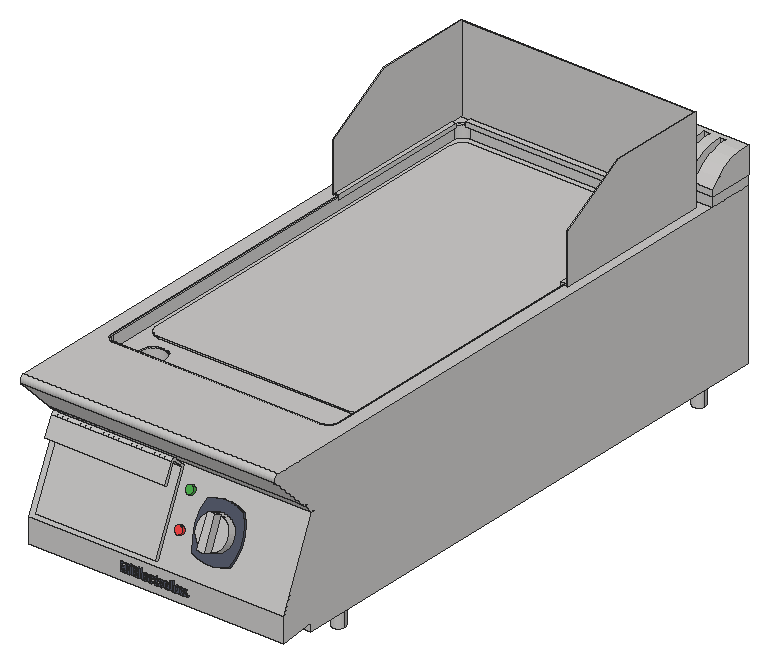
Revit family "QF_ELECTROLUXPROFESSIONAL_391398_E9IINIAOMCA", category Specialty Equipment, Revit 2018
Family settings
  Round Connector Dimension = Use Diameter
  Part Type = Normal
  Work Plane-Based = No
  Always vertical = Yes
  Cut with Voids When Loaded = No
  Shared = No
  Room Calculation Point = No
Parameters
  Width = 400 mm  # constant formula
  Weight in Pounds = 55  # constant formula
  Watts = 0 W
  Volts = 230 V  # constant formula
  URL Cutsheet = "www.electrolux.com"
  URL = "www.electrolux.com"
  Type Mark [instance] = ""
  Status [instance] = ""
  Specification by User [instance] = ""
  Specification by Manufacturer = ""
  Show Logo [instance] = yes
  Show Clearance [instance] = yes
  Serial Number = ""
  Seismic Rating = ""
  SMACNA No = ""
  Revision Code [instance] = ""
  Phase = 3
  Omniclass Number and Title = ""
  Number of Poles [instance] = 1
  NAFEM Spec ID Number = ""
  Model = "391171"
  Min Ckt Ampacity = 0 A
  Max Overcurrent Protection = 0 A
  Masterspec = ""
  Manufacturer = "ELECTROLUX"
  Item Number [instance] = ""
  Installed By [instance] = ""
  Identify Quantity as Lot [instance] = yes
  Height = 410 mm  # constant formula
  HP = "10.1 HP"
  Furnished By [instance] = ""
  Foodservice Equipment Identifier [instance] = yes
  FL Amps = if(Phase = 3, Watts / (Volts * 1.73), Watts / Volts)  # 0 A
  Electrical Remarks [instance] = "230 V/3 ph/50/60 Hz"  # constant formula
  Electric Connection Type [instance] = ""
  Elec Conn RI Height [instance] = 0 mm
  Elec Conn Connection Height [instance] = 0 mm
  Direct Waste Size = 0"
  Description = "900XP HALF MODULE ELECTRIC FRY TOP,SMOOTH HORIZONTAL PLATE, MILD STEEL -230V"
  Depth = 930 mm  # constant formula
  Cycle = if([60 Hertz Option], 60 Hz, 50 Hz)  # 60 Hz
  Conn Plug = ""
  Conn Conduit = yes
  CSI MasterFormat = ""
  CSI Master Format = ""
  Base Height = 24 mm  # constant formula
  Apparent Power = if(Phase = 3, Volts * FL Amps * 1.73, Volts * FL Amps)  # 0 VA
  60 Hertz Option = not([50 Hertz Option])  # yes
  50 Hertz Option = no
Reference planes
  plane 1 "BACK": y = 0
  plane 2: z = 0
  plane 3 "LEFT": x = 0
  plane 4 "RIGHT": x = 400
  plane 5 "FRONT": y = -930
  plane 6 "TOP": z = 275
  plane 7 "Center Y": x = 200
  plane 8 "Center X": y = -465
  plane 9: y = -1045
  plane 10: z = 24
  plane 11: z = 290
  plane 12: z = 410
  plane 13: x = 11
  plane 14: x = 389
Forms (mm)
  Extrusion 1, solid, material "QF_Finishes_Stainless Steel"
    sketch origin (0, 0, 0) x (0, 1, 0) y (0, 0, 1)
      loop
        line (0, 275) -> (-922.686, 275)
        arc (-922.686, 275) -> (-929.443, 270.485) -> (-927.858, 262.514) r 7.314
        line (-927.858, 262.514) -> (-873.907, 208.563) -> (-865.773, 208.563) -> (-865.773, 206.447) -> (-871.79, 206.447) -> (-858.907, 193.563) -> (-850.773, 193.563) -> (-850.773, 191.447) -> (-856.79, 191.447) -> (-913.146, 69.003) -> (-913.146, 30.903) -> (-859.774, 36.513) -> (-859.774, 24) -> (0, 24) -> (0, 275)
    from 0 to 400
  Extrusion 2, solid, material "QF_Finishes_Stainless Steel"
    sketch origin (0, -1, 0) x (1, 0, 0) y (0, 1, 0)
      loop
        circle (11, -82) r 9.525
      loop
        circle (11, -790) r 9.525
      loop
        circle (389, -82) r 9.525
      loop
        circle (389, -790) r 9.525
    from 0 to 24
  Extrusion 3, solid, material "QF_Finishes_Stainless Steel"
    sketch origin (0, 0, 0.362) x (0, 1, 0) y (0, 0, 1)
      loop
        line (0, 289.638) -> (0, 331.738)
        arc (0, 331.738) -> (-38.857, 324.552) -> (-69.85, 300.038) r 82.056
        line (-69.85, 300.038) -> (-69.85, 289.638) -> (0, 289.638)
    from 0 to 400.05
  Extrusion 4, void
    sketch origin (0, 0, 275) x (0, -1, 0) y (1, 0, 0)
      loop
        line (6.761, 29.703) -> (63.911, 29.703) -> (63.911, 38.999) -> (6.761, 38.999) -> (6.761, 29.703)
      loop
        line (63.911, 64.487) -> (6.761, 64.487) -> (6.761, 55.191) -> (63.911, 55.191) -> (63.911, 64.487)
      loop
        line (63.911, 89.975) -> (6.761, 89.975) -> (6.761, 80.68) -> (63.911, 80.68) -> (63.911, 89.975)
      loop
        line (63.911, 115.464) -> (6.761, 115.464) -> (6.761, 106.168) -> (63.911, 106.168) -> (63.911, 115.464)
      loop
        line (63.911, 140.952) -> (6.761, 140.952) -> (6.761, 131.656) -> (63.911, 131.656) -> (63.911, 140.952)
      loop
        line (63.911, 166.44) -> (6.761, 166.44) -> (6.761, 157.145) -> (63.911, 157.145) -> (63.911, 166.44)
      loop
        line (63.911, 191.929) -> (6.761, 191.929) -> (6.761, 182.633) -> (63.911, 182.633) -> (63.911, 191.929)
      loop
        line (63.911, 217.417) -> (6.761, 217.417) -> (6.761, 208.121) -> (63.911, 208.121) -> (63.911, 217.417)
      loop
        line (63.911, 242.905) -> (6.761, 242.905) -> (6.761, 233.61) -> (63.911, 233.61) -> (63.911, 242.905)
      loop
        line (63.911, 268.394) -> (6.761, 268.394) -> (6.761, 259.098) -> (63.911, 259.098) -> (63.911, 268.394)
      loop
        line (63.911, 293.882) -> (6.761, 293.882) -> (6.761, 284.586) -> (63.911, 284.586) -> (63.911, 293.882)
      loop
        line (63.911, 319.37) -> (6.761, 319.37) -> (6.761, 310.075) -> (63.911, 310.075) -> (63.911, 319.37)
      loop
        line (63.911, 344.859) -> (6.761, 344.859) -> (6.761, 335.563) -> (63.911, 335.563) -> (63.911, 344.859)
      loop
        line (63.911, 370.347) -> (6.761, 370.347) -> (6.761, 361.051) -> (63.911, 361.051) -> (63.911, 370.347)
    from 25.4 to 63.5
  Extrusion 5, solid, material "QF_Finishes_Stainless Steel"
    sketch origin (0, 0, 275) x (0, -1, 0) y (1, 0, 0)
      loop
        line (69.85, 0) -> (69.85, 400) -> (0, 400) -> (0, 0) -> (69.85, 0)
    from 0 to 15
  Extrusion 6, solid, material "QF_Finishes_Stainless Steel"
    sketch origin (635, 190.152, 275) x (0, -1, 0) y (1, 0, 0)
      loop
        line (273.542, -252.03) -> (273.542, -617.97) -> (275.13, -617.97) -> (275.13, -252.03) -> (273.542, -252.03)
    from 0 to 135
  Extrusion 7, void
    sketch origin (0, 0, 275) x (0, -1, 0) y (1, 0, 0)
      loop
        arc (92.539, 37.03) -> (96.932, 26.423) -> (107.539, 22.03) r 15
        line (107.539, 22.03) -> (777.539, 22.03)
        arc (777.539, 22.03) -> (788.145, 26.423) -> (792.539, 37.03) r 15
        line (792.539, 37.03) -> (792.539, 362.97)
        arc (792.539, 362.97) -> (788.145, 373.577) -> (777.539, 377.97) r 15
        line (777.539, 377.97) -> (107.539, 377.97)
        arc (107.539, 377.97) -> (96.932, 373.577) -> (92.539, 362.97) r 15
        line (92.539, 362.97) -> (92.539, 37.03)
    from 0 to -21.588
  Sweep 8, solid, material "QF_Finishes_Stainless Steel"
    path origin (0, 0, 0) x (1, 0, 0) y (0, 1, 0)
      loop
        line (22.03, -107.539) -> (22.03, -777.539)
        arc (22.03, -777.539) -> (26.423, -788.145) -> (37.03, -792.539) r 15
        line (37.03, -792.539) -> (362.97, -792.539)
        arc (362.97, -792.539) -> (373.577, -788.145) -> (377.97, -777.539) r 15
        line (377.97, -777.539) -> (377.97, -107.539)
        arc (377.97, -107.539) -> (373.577, -96.932) -> (362.97, -92.539) r 15
        line (362.97, -92.539) -> (37.03, -92.539)
        arc (37.03, -92.539) -> (26.423, -96.932) -> (22.03, -107.539) r 15
    profile origin (22.03, -442.539, 0) x (1, 0, 0) y (0, 0, 1)
      loop
        line (0, 255) -> (1.588, 255) -> (1.588, 272.855)
        arc (1.588, 272.855) -> (1.147, 274.189) -> (0, 275) r 2.242
        line (0, 275) -> (0, 255)
  Extrusion 9, solid, material "QF_Finishes_Stainless Steel"
    sketch origin (0, 0, 0) x (1, 0, 0) y (0, 0, 1)
      loop
        line (17.03, 275.856) -> (23.926, 275.856) -> (23.926, 270.856) -> (25.514, 270.856) -> (25.514, 277.444) -> (17.03, 277.444) -> (17.03, 275.856)
      loop
        line (382.97, 275.856) -> (382.97, 277.444) -> (374.486, 277.444) -> (374.486, 270.856) -> (376.074, 270.856) -> (376.074, 275.856) -> (382.97, 275.856)
    from 105.541 to 335.39
  Extrusion 10, solid, material "QF_Finishes_Stainless Steel"
    sketch origin (0, 0, 0) x (0, 1, 0) y (0, 0, 1)
      loop
        line (-94.126, 270.856) -> (-94.126, 275.856) -> (-84.978, 275.856) -> (-84.978, 277.444) -> (-95.714, 277.444) -> (-95.714, 270.856) -> (-94.126, 270.856)
    from 32.03 to 367.97
  Extrusion 11, solid, material "QF_Finishes_Stainless Steel"
    sketch origin (0, -101.6, 24) x (-1, 0, 0) y (0, 1, 0)
      loop
        circle (-340, -483.4) r 6.35
    from 0 to 5
  Extrusion 12, solid, material "QF_Clearances", visible <- "Show Clearance", detail levels coarse
    sketch origin (0, 0, 0) x (1, 0, 0) y (0, 1, 0)
      loop
        line (0, 0) -> (400, 0) -> (400, -930) -> (500, -930) -> (500, 100) -> (-100, 100) -> (-100, -930) -> (0, -930) -> (0, 0)
    from 0 to 410
  Extrusion 13, solid, material "QF_Finishes_Stainless Steel"
    sketch origin (0, 0, 0) x (0, 1, 0) y (0, 0, 1)
      loop
        line (-792.539, 255) -> (-792.539, 253.413) -> (-92.539, 253.413) -> (-92.539, 255) -> (-792.539, 255)
    from 22.03 to 377.97
  Extrusion 14, solid, material "QF_Finishes_Stainless Steel"
    sketch origin (100, 0, 0) x (0, 1, 0) y (0, 0, 1)
      loop
        line (-858.205, 188.372) -> (-874.612, 204.778)
        arc (-874.612, 204.778) -> (-879.079, 206.181) -> (-882.783, 203.316) r 5.058
        line (-882.783, 203.316) -> (-895.445, 175.806) -> (-892.561, 174.479) -> (-879.899, 201.989)
        arc (-879.899, 201.989) -> (-878.52, 203.055) -> (-876.857, 202.533) r 1.883
        line (-876.857, 202.533) -> (-862.014, 187.69) -> (-912.848, 77.245) -> (-909.964, 75.918) -> (-858.205, 188.372)
    from -89 to 100
  Extrusion 15, solid, material "QF_Door-Drawer Clearances", visible <- "Show Clearance", detail levels coarse
    sketch origin (100, 0, 0) x (0, 1, 0) y (0, 0, 1)
      loop
        line (-1024.713, 174.479) -> (-1012.051, 201.989)
        arc (-1012.051, 201.989) -> (-1010.672, 203.055) -> (-1009.009, 202.533) r 1.883
        line (-1009.009, 202.533) -> (-994.166, 187.69) -> (-1045, 77.245) -> (-1042.116, 75.918) -> (-909.964, 75.918) -> (-858.205, 188.372) -> (-874.612, 204.778)
        arc (-874.612, 204.778) -> (-875.847, 205.685) -> (-877.298, 206.181) r 5.058
        line (-877.298, 206.181) -> (-1011.231, 206.181)
        arc (-1011.231, 206.181) -> (-1013.435, 205.203) -> (-1014.935, 203.316) r 5.058
        line (-1014.935, 203.316) -> (-1027.597, 175.806) -> (-1024.713, 174.479)
    from -89 to 100
  Extrusion 16, void
    sketch origin (0, 0, 0) x (1, 0, 0) y (0, 1, 0)
      loop
        circle (71.879, -758.736) r 20
    from 235.859 to 256.719
  Extrusion 17, solid, material "QF_Finishes_Stainless Steel"
    sketch origin (0, 0, 0) x (0, 1, 0) y (0, 0, 1)
      loop
        line (-83.39, 410) -> (-235.39, 410) -> (-335.39, 352.265) -> (-335.39, 275) -> (-83.39, 275) -> (-83.39, 410)
    from 15.442 to 17.03
  Extrusion 18, solid, material "QF_Finishes_Stainless Steel"
    sketch origin (400, 0, 0) x (0, 1, 0) y (0, 0, -1)
      loop
        line (-83.39, -410) -> (-83.39, -275) -> (-335.39, -275) -> (-335.39, -352.265) -> (-235.39, -410) -> (-83.39, -410)
    from 15.442 to 17.03
  Extrusion 19, solid, material "QF_Finishes_Stainless Steel"
    sketch origin (23.617, -107.539, 255) x (-1, 0, 0) y (0, 1, 0)
      loop
        arc (-28.412, -615) -> (-14.27, -609.142) -> (-8.412, -595) r 20
        line (-8.412, -595) -> (-8.412, -17.867)
        arc (-8.412, -17.867) -> (-14.27, -3.725) -> (-28.412, 2.133) r 20
        line (-28.412, 2.133) -> (-324.353, 2.133)
        arc (-324.353, 2.133) -> (-338.496, -3.725) -> (-344.353, -17.867) r 20
        line (-344.353, -17.867) -> (-344.353, -595)
        arc (-344.353, -595) -> (-338.496, -609.142) -> (-324.353, -615) r 20
        line (-324.353, -615) -> (-28.412, -615)
    from 0 to -2
  Extrusion 20, solid, material "QF_Finishes_Navy Blue"
    sketch origin (115.456, -912.449, 70.59) x (0, 0.419232, 0.907879) y (-1, 0, 0)
      loop
        arc (102.26, -132.62) -> (66.843, -125.139) -> (31.333, -132.16) r 90.355
        arc (31.333, -132.16) -> (24.504, -161.269) -> (31.333, -190.378) r 65.456
        arc (31.333, -190.378) -> (66.877, -199.452) -> (102.26, -189.765) r 71.728
        arc (102.26, -189.765) -> (108.852, -161.193) -> (102.26, -132.62) r 65.22
    from 0 to 3.175
  Extrusion 21, solid, material "QF_Finishes_Stainless Steel"
    sketch origin (115.456, -916.163, 70.121) x (0, 0.419232, 0.907879) y (-1, 0, 0)
      loop
        circle (68.826, -160.963) r 25.4
    from 0 to 12.7
  Extrusion 22, solid, material "QF_Finishes_Stainless Steel"
    sketch origin (115.456, -927.693, 75.445) x (0, 0.419232, 0.907879) y (-1, 0, 0)
      loop
        arc (93.558, -166.749) -> (94.226, -160.963) -> (93.558, -155.177) r 25.4
        line (93.558, -155.177) -> (44.094, -155.177)
        arc (44.094, -155.177) -> (43.426, -160.963) -> (44.094, -166.749) r 25.4
        line (44.094, -166.749) -> (93.558, -166.749)
    from 0 to 12.7
  Extrusion 23, solid, material "QF_Finishes_Navy Blue", visible <- "Show Logo"
    sketch origin (-142.26, -913.146, 37.253) x (0, 0, 1) y (-1, 0, 0)
      loop
        line (20.674, -296.698) -> (8.307, -296.698)
        arc (8.307, -296.698) -> (14.491, -301.27) -> (20.674, -296.698) r 6.467
      loop
        arc (20.674, -296.069) -> (19.505, -290.926) -> (14.849, -288.448) r 6.338
        line (14.849, -288.448) -> (14.849, -290.494)
        arc (14.849, -290.494) -> (16.333, -294.149) -> (19.778, -296.069) r 5.941
        line (19.778, -296.069) -> (20.674, -296.069)
      loop
        arc (9.203, -296.069) -> (12.648, -294.149) -> (14.132, -290.494) r 5.941
        line (14.132, -290.494) -> (14.132, -288.448)
        arc (14.132, -288.448) -> (9.438, -290.922) -> (8.148, -296.069) r 6.504
        line (8.148, -296.069) -> (9.203, -296.069)
      loop
        line (21.349, -287.979) -> (7.604, -287.979) -> (7.604, -301.742) -> (21.349, -301.742) -> (21.349, -287.979)
      loop
        arc (21.432, -304.71) -> (21.085, -304.352) -> (20.718, -304.69) r 0.358
        arc (20.718, -304.69) -> (20.404, -305.44) -> (19.687, -305.825) r 1.216
        line (19.687, -305.825) -> (9.274, -305.825)
        arc (9.274, -305.825) -> (8.614, -305.548) -> (8.218, -304.951) r 1.238
        arc (8.218, -304.951) -> (7.823, -304.7) -> (7.518, -305.054) r 0.358
        line (7.518, -305.054) -> (7.518, -314.933) -> (10.269, -314.933) -> (10.269, -314.036)
        arc (10.269, -314.036) -> (9.36, -313.456) -> (8.904, -312.479) r 1.928
        line (8.904, -312.479) -> (8.904, -309.98)
        arc (8.904, -309.98) -> (9.18, -309.251) -> (9.868, -308.887) r 1.101
        line (9.868, -308.887) -> (13.955, -308.887) -> (13.955, -312.561)
        arc (13.955, -312.561) -> (13.602, -313.058) -> (13.037, -313.286) r 1.083
        arc (13.037, -313.286) -> (12.773, -313.591) -> (13.065, -313.869) r 0.292
        line (13.065, -313.869) -> (16.028, -313.869)
        arc (16.028, -313.869) -> (16.33, -313.596) -> (16.092, -313.266) r 0.305
        arc (16.092, -313.266) -> (15.601, -313.018) -> (15.296, -312.561) r 1.083
        line (15.296, -312.561) -> (15.296, -308.887) -> (19.973, -308.887) -> (19.973, -312.635)
        arc (19.973, -312.635) -> (19.759, -313.39) -> (19.153, -313.888) r 1.314
        arc (19.153, -313.888) -> (18.934, -314.292) -> (19.288, -314.585) r 0.361
        line (19.288, -314.585) -> (21.432, -314.585) -> (21.432, -304.71)
      loop
        arc (20.715, -315.365) -> (20.335, -316.284) -> (19.416, -316.664) r 1.299
        line (19.416, -316.664) -> (9.837, -316.664)
        arc (9.837, -316.664) -> (8.999, -316.286) -> (8.728, -315.408) r 1.118
        line (8.728, -315.408) -> (7.518, -315.408) -> (7.518, -320.758) -> (8.706, -320.758)
        arc (8.706, -320.758) -> (8.978, -319.841) -> (9.848, -319.445) r 1.153
        line (9.848, -319.445) -> (21.92, -319.445) -> (20.715, -315.365)
      loop
        line (12.483, -323.394) -> (12.483, -329.842) -> (13.282, -329.842)
        arc (13.282, -329.842) -> (15.862, -328.857) -> (17.131, -326.404) r 3.874
        line (17.131, -326.404) -> (17.131, -324.643)
        arc (17.131, -324.643) -> (15.944, -321.778) -> (13.08, -320.592) r 4.051
        line (13.08, -320.592) -> (11.072, -320.592)
        arc (11.072, -320.592) -> (8.253, -322.077) -> (7.202, -325.084) r 4.352
        arc (7.202, -325.084) -> (7.566, -327.547) -> (8.943, -329.621) r 5.713
        line (8.943, -329.621) -> (9.892, -329.621)
        arc (9.892, -329.621) -> (9.16, -328.052) -> (8.943, -326.334) r 5.579
        arc (8.943, -326.334) -> (9.737, -324.371) -> (11.616, -323.394) r 3.057
        line (11.616, -323.394) -> (12.483, -323.394)
      loop
        line (13.742, -323.394) -> (13.742, -326.977)
        arc (13.742, -326.977) -> (15.199, -327.024) -> (16.082, -325.864) r 1.59
        line (16.082, -325.864) -> (16.082, -325.034)
        arc (16.082, -325.034) -> (15.217, -323.779) -> (13.742, -323.394) r 2.184
      loop
        arc (16.533, -339.259) -> (17.022, -337.585) -> (17.179, -335.848) r 9.023
        line (17.179, -335.848) -> (17.179, -334.486)
        arc (17.179, -334.486) -> (16.02, -331.686) -> (13.22, -330.527) r 3.959
        line (13.22, -330.527) -> (10.62, -330.527)
        arc (10.62, -330.527) -> (8.338, -331.819) -> (7.221, -334.192) r 4.331
        line (7.221, -334.192) -> (7.221, -336.327)
        arc (7.221, -336.327) -> (7.729, -337.877) -> (8.651, -339.223) r 5.772
        arc (8.651, -339.223) -> (9.412, -339.274) -> (9.499, -338.515) r 0.553
        arc (9.499, -338.515) -> (9.111, -337.781) -> (8.977, -336.962) r 2.573
        line (8.977, -336.962) -> (8.977, -335.447)
        arc (8.977, -335.447) -> (9.983, -333.806) -> (11.798, -333.163) r 2.884
        line (11.798, -333.163) -> (13.077, -333.163)
        arc (13.077, -333.163) -> (14.898, -333.723) -> (15.824, -335.388) r 2.554
        line (15.824, -335.388) -> (15.824, -336.441)
        arc (15.824, -336.441) -> (15.493, -337.369) -> (14.836, -338.104) r 2.564
        arc (14.836, -338.104) -> (14.614, -338.821) -> (15.223, -339.259) r 0.643
        line (15.223, -339.259) -> (16.533, -339.259)
      loop
        line (15.515, -339.53) -> (15.515, -341.031) -> (9.467, -341.031)
        arc (9.467, -341.031) -> (7.879, -341.688) -> (7.221, -343.276) r 2.246
        line (7.221, -343.276) -> (7.221, -344.86)
        arc (7.221, -344.86) -> (7.535, -345.725) -> (8.035, -346.496) r 4.06
        arc (8.035, -346.496) -> (8.768, -346.629) -> (9.019, -345.928) r 0.576
        arc (9.019, -345.928) -> (8.913, -345.403) -> (8.977, -344.87) r 1.69
        arc (8.977, -344.87) -> (9.519, -344.082) -> (10.425, -343.779) r 1.506
        line (10.425, -343.779) -> (15.563, -343.779) -> (15.563, -346.176) -> (16.119, -346.733) -> (16.941, -346.733) -> (16.941, -343.873) -> (20.172, -343.873) -> (15.515, -339.53)
      loop
        line (7.438, -347.63) -> (7.438, -353.017) -> (8.548, -353.017)
        arc (8.548, -353.017) -> (8.942, -352.066) -> (9.893, -351.672) r 1.345
        line (9.893, -351.672) -> (13.509, -351.672)
        arc (13.509, -351.672) -> (14.274, -352.264) -> (14.564, -353.186) r 1.615
        line (14.564, -353.186) -> (14.564, -354.742) -> (17.119, -355.427) -> (17.119, -354.044) -> (15.177, -351.485) -> (17.057, -351.485) -> (16.773, -348.779)
        arc (16.773, -348.779) -> (16.333, -348.249) -> (15.674, -348.45) r 0.621
        arc (15.674, -348.45) -> (15.274, -348.792) -> (14.78, -348.975) r 1.501
        line (14.78, -348.975) -> (9.893, -348.975)
        arc (9.893, -348.975) -> (8.942, -348.581) -> (8.548, -347.63) r 1.345
        line (8.548, -347.63) -> (7.438, -347.63)
      loop
        line (13.54, -354.964) -> (10.848, -354.964)
        arc (10.848, -354.964) -> (8.403, -356.272) -> (7.269, -358.803) r 4.288
        arc (7.269, -358.803) -> (7.205, -360.183) -> (7.269, -361.563) r 15.022
        arc (7.269, -361.563) -> (8.403, -364.094) -> (10.848, -365.401) r 4.288
        line (10.848, -365.401) -> (13.54, -365.401)
        arc (13.54, -365.401) -> (15.986, -364.094) -> (17.119, -361.563) r 4.288
        arc (17.119, -361.563) -> (17.183, -360.183) -> (17.119, -358.803) r 15.022
        arc (17.119, -358.803) -> (15.986, -356.272) -> (13.54, -354.964) r 4.288
      loop
        line (13.745, -358.078) -> (10.643, -358.078)
        arc (10.643, -358.078) -> (8.486, -360.235) -> (10.643, -362.392) r 2.157
        line (10.643, -362.392) -> (13.745, -362.392)
        arc (13.745, -362.392) -> (15.902, -360.235) -> (13.745, -358.078) r 2.157
      loop
        arc (20.726, -365.26) -> (20.355, -366.154) -> (19.461, -366.524) r 1.264
        line (19.461, -366.524) -> (9.597, -366.524)
        arc (9.597, -366.524) -> (8.727, -366.127) -> (8.455, -365.211) r 1.153
        line (8.455, -365.211) -> (7.518, -365.211) -> (7.518, -370.319) -> (8.446, -370.319)
        arc (8.446, -370.319) -> (8.805, -369.547) -> (9.597, -369.232) r 1.153
        line (9.597, -369.232) -> (21.92, -369.232) -> (20.726, -365.26)
      loop
        arc (15.846, -369.857) -> (15.647, -370.921) -> (14.678, -371.403) r 1.215
        line (14.678, -371.403) -> (9.658, -371.403)
        arc (9.658, -371.403) -> (8.043, -372.051) -> (7.322, -373.634) r 2.338
        line (7.322, -373.634) -> (7.322, -375.148)
        arc (7.322, -375.148) -> (7.497, -376.152) -> (7.999, -377.038) r 2.979
        line (7.999, -377.038) -> (7.518, -378.835) -> (7.518, -380.524) -> (16.943, -380.524) -> (16.649, -376.32) -> (15.863, -376.32)
        arc (15.863, -376.32) -> (15.507, -377.156) -> (14.755, -377.665) r 1.605
        line (14.755, -377.665) -> (9.652, -377.665)
        arc (9.652, -377.665) -> (9.232, -376.728) -> (9.159, -375.704) r 2.94
        arc (9.159, -375.704) -> (9.72, -374.603) -> (10.873, -374.16) r 1.724
        line (10.873, -374.16) -> (17.07, -374.16) -> (15.846, -369.857)
      loop
        line (16.874, -381.377) -> (15.202, -383.423) -> (12.028, -385.729) -> (8.572, -382.617)
        arc (8.572, -382.617) -> (8.335, -382.223) -> (8.357, -381.764) r 0.789
        line (8.357, -381.764) -> (7.518, -381.764) -> (7.518, -385.309) -> (8.344, -385.309)
        arc (8.344, -385.309) -> (8.686, -384.947) -> (9.176, -385.039) r 0.52
        line (9.176, -385.039) -> (10.976, -386.51) -> (8.858, -387.886)
        arc (8.858, -387.886) -> (8.457, -387.576) -> (8.37, -387.076) r 0.7
        line (8.37, -387.076) -> (7.518, -387.076) -> (7.518, -393.003) -> (8.405, -393.003)
        arc (8.405, -393.003) -> (8.472, -392.344) -> (8.866, -391.813) r 1.247
        line (8.866, -391.813) -> (13.066, -388.532) -> (15.513, -390.585) -> (16.874, -392.327) -> (16.874, -388.604) -> (15.389, -389.026) -> (13.868, -387.749) -> (15.568, -386.559) -> (16.874, -387.336) -> (16.874, -381.377)
    from 0 to 1.644
  Extrusion 24, solid, material "QF_Finishes_Green"
    sketch origin (129.198, -908.494, 79.155) x (0, 0.419232, 0.907879) y (-1, 0, 0)
      loop
        circle (94.749, -90.848) r 6.35
    from 0 to 3.175
  Extrusion 25, solid, material "QF_Finishes_Red"
    sketch origin (129.198, -930.457, 31.593) x (0, 0.419232, 0.907879) y (-1, 0, 0)
      loop
        circle (95.112, -90.848) r 6.35
    from 0 to 3.175
Cuts and joins
  Extrusion 4 cuts Extrusion 3
  Extrusion 7, Extrusion 16 cuts Extrusion 1
  Extrusion 16 cuts Extrusion 13
Lines and regions (mm)
  symbolic lines, style "QF_Clearances", visible <- "Show Clearance", detail levels coarse
    curve 1: line (500, -930, 0) -> (500, 100, 0)
    curve 2: line (500, 100, 0) -> (-100, 100, 0)
    curve 3: line (-100, 100, 0) -> (-100, -930, 0)
  symbolic lines, style "QF_Door-Drawer Clearances", visible <- "Show Clearance", detail levels medium+fine
    curve 4: line (11, -930, 0) -> (11, -1045, 0)
    curve 5: line (11, -1045, 0) -> (200, -1045, 0)
    curve 6: line (200, -930, 0) -> (200, -1045, 0)
  symbolic lines
    curve 7: line (0, -930, 0) -> (400, -930, 0)
    curve 8: line (400, -930, 0) -> (400, 0, 0)
    curve 9: line (400, 0, 0) -> (0, 0, 0)
    curve 10: line (0, 0, 0) -> (0, -930, 0)
    curve 11: line (362.97, -792.539, 0) -> (37.03, -792.539, 0)
    curve 12: arc (37.03, -792.539, 0) -> (26.423, -788.145, 0) -> (22.03, -777.539, 0) r 15
    curve 13: line (22.03, -777.539, 0) -> (22.03, -335.39, 0)
    curve 14: arc (22.163, -105.541, 0) -> (25.387, -98.081, 0) -> (32.03, -93.397, 0) r 15
    curve 15: arc (367.97, -93.397, 0) -> (374.613, -98.081, 0) -> (377.837, -105.541, 0) r 15
    curve 16: line (377.97, -335.39, 0) -> (377.97, -777.539, 0)
    curve 17: arc (377.97, -777.539, 0) -> (373.577, -788.145, 0) -> (362.97, -792.539, 0) r 15
    curve 18: line (347.97, -722.539, 0) -> (52.03, -722.539, 0)
    curve 19: arc (52.03, -722.539, 0) -> (37.887, -716.681, 0) -> (32.03, -702.539, 0) r 20
    curve 20: line (32.03, -702.539, 0) -> (32.03, -125.406, 0)
    curve 21: arc (32.03, -125.406, 0) -> (37.887, -111.264, 0) -> (52.03, -105.406, 0) r 20
    curve 22: line (52.03, -105.406, 0) -> (347.97, -105.406, 0)
    curve 23: arc (347.97, -105.406, 0) -> (362.113, -111.264, 0) -> (367.97, -125.406, 0) r 20
    curve 24: line (367.97, -125.406, 0) -> (367.97, -702.539, 0)
    curve 25: arc (367.97, -702.539, 0) -> (362.113, -716.681, 0) -> (347.97, -722.539, 0) r 20
    curve 26: line (15.442, -83.39, 0) -> (15.442, -335.39, 0)
    curve 27: line (384.558, -83.39, 0) -> (15.442, -83.39, 0)
    curve 28: line (384.558, -335.39, 0) -> (384.558, -83.39, 0)
    curve 29: line (367.97, -95.714, 0) -> (367.97, -83.39, 0)
    curve 30: line (32.03, -95.714, 0) -> (367.97, -95.714, 0)
    curve 31: line (32.03, -83.39, 0) -> (32.03, -95.714, 0)
    curve 32: line (384.558, -105.541, 0) -> (374.486, -105.541, 0)
    curve 33: line (25.514, -335.39, 0) -> (25.514, -105.541, 0)
    curve 34: line (15.442, -335.39, 0) -> (25.514, -335.39, 0)
    curve 35: line (374.486, -105.541, 0) -> (374.486, -335.39, 0)
    curve 36: line (374.486, -335.39, 0) -> (384.558, -335.39, 0)
    curve 37: line (25.514, -105.541, 0) -> (15.442, -105.541, 0)
    curve 38: line (38.999, -6.761, 0) -> (38.999, -63.911, 0)
    curve 39: line (38.999, -63.911, 0) -> (29.703, -63.911, 0)
    curve 40: line (29.703, -63.911, 0) -> (29.703, -6.761, 0)
    curve 41: line (29.703, -6.761, 0) -> (38.999, -6.761, 0)
    curve 42: line (55.191, -63.911, 0) -> (55.191, -6.761, 0)
    curve 43: line (55.191, -6.761, 0) -> (64.487, -6.761, 0)
    curve 44: line (64.487, -6.761, 0) -> (64.487, -63.911, 0)
    curve 45: line (64.487, -63.911, 0) -> (55.191, -63.911, 0)
    curve 46: line (89.975, -6.761, 0) -> (89.975, -63.911, 0)
    curve 47: line (89.975, -63.911, 0) -> (80.68, -63.911, 0)
    curve 48: line (80.68, -63.911, 0) -> (80.68, -6.761, 0)
    curve 49: line (80.68, -6.761, 0) -> (89.975, -6.761, 0)
    curve 50: line (115.464, -6.761, 0) -> (115.464, -63.911, 0)
    curve 51: line (115.464, -63.911, 0) -> (106.168, -63.911, 0)
    curve 52: line (106.168, -63.911, 0) -> (106.168, -6.761, 0)
    curve 53: line (106.168, -6.761, 0) -> (115.464, -6.761, 0)
    curve 54: line (140.952, -6.761, 0) -> (140.952, -63.911, 0)
    curve 55: line (140.952, -63.911, 0) -> (131.656, -63.911, 0)
    curve 56: line (131.656, -63.911, 0) -> (131.656, -6.761, 0)
    curve 57: line (131.656, -6.761, 0) -> (140.952, -6.761, 0)
    curve 58: line (166.44, -6.761, 0) -> (166.44, -63.911, 0)
    curve 59: line (166.44, -63.911, 0) -> (157.145, -63.911, 0)
    curve 60: line (157.145, -63.911, 0) -> (157.145, -6.761, 0)
    curve 61: line (157.145, -6.761, 0) -> (166.44, -6.761, 0)
    curve 62: line (191.929, -6.761, 0) -> (191.929, -63.911, 0)
    curve 63: line (191.929, -63.911, 0) -> (182.633, -63.911, 0)
    curve 64: line (182.633, -63.911, 0) -> (182.633, -6.761, 0)
    curve 65: line (182.633, -6.761, 0) -> (191.929, -6.761, 0)
    curve 66: line (208.121, -63.911, 0) -> (208.121, -6.761, 0)
    curve 67: line (208.121, -6.761, 0) -> (217.417, -6.761, 0)
    curve 68: line (217.417, -6.761, 0) -> (217.417, -63.911, 0)
    curve 69: line (217.417, -63.911, 0) -> (208.121, -63.911, 0)
    curve 70: line (367.97, -83.39, 0) -> (367.97, -95.714, 0)
    curve 71: line (361.001, -6.761, 0) -> (361.001, -63.911, 0)
    curve 72: line (361.001, -63.911, 0) -> (370.297, -63.911, 0)
    curve 73: line (370.297, -63.911, 0) -> (370.297, -6.761, 0)
    curve 74: line (370.297, -6.761, 0) -> (361.001, -6.761, 0)
    curve 75: line (344.809, -63.911, 0) -> (344.809, -6.761, 0)
    curve 76: line (344.809, -6.761, 0) -> (335.513, -6.761, 0)
    curve 77: line (335.513, -6.761, 0) -> (335.513, -63.911, 0)
    curve 78: line (335.513, -63.911, 0) -> (344.809, -63.911, 0)
    curve 79: line (310.025, -6.761, 0) -> (310.025, -63.911, 0)
    curve 80: line (310.025, -63.911, 0) -> (319.32, -63.911, 0)
    curve 81: line (319.32, -63.911, 0) -> (319.32, -6.761, 0)
    curve 82: line (319.32, -6.761, 0) -> (310.025, -6.761, 0)
    curve 83: line (284.536, -6.761, 0) -> (284.536, -63.911, 0)
    curve 84: line (284.536, -63.911, 0) -> (293.832, -63.911, 0)
    curve 85: line (293.832, -63.911, 0) -> (293.832, -6.761, 0)
    curve 86: line (293.832, -6.761, 0) -> (284.536, -6.761, 0)
    curve 87: line (259.048, -6.761, 0) -> (259.048, -63.911, 0)
    curve 88: line (259.048, -63.911, 0) -> (268.344, -63.911, 0)
    curve 89: line (268.344, -63.911, 0) -> (268.344, -6.761, 0)
    curve 90: line (268.344, -6.761, 0) -> (259.048, -6.761, 0)
    curve 91: line (233.56, -6.761, 0) -> (233.56, -63.911, 0)
    curve 92: line (233.56, -63.911, 0) -> (242.855, -63.911, 0)
    curve 93: line (242.855, -63.911, 0) -> (242.855, -6.761, 0)
    curve 94: line (242.855, -6.761, 0) -> (233.56, -6.761, 0)
    curve 95: arc (51.879, -758.736, 0) -> (71.879, -738.736, 0) -> (91.879, -758.736, 0) r 20
    curve 96: arc (51.879, -758.736, 0) -> (71.879, -778.736, 0) -> (91.879, -758.736, 0) r 20
  symbolic lines, style "QF_Door-Drawer Clearances"
    curve 97: line (11, -930, 0) -> (11, -1045, 0)
    curve 98: line (200, -1045, 0) -> (200, -930, 0)
Dimensions and locks
  equal spacing: plane 3 "LEFT", plane 7 "Center Y", plane 4 "RIGHT"
  "Width": plane 3 "LEFT" to plane 4 "RIGHT"
  equal spacing: plane 5 "FRONT", plane 8 "Center X", plane 1 "BACK"
  "Depth": plane 5 "FRONT" to plane 1 "BACK"
  plane 6 "TOP" to level = 275 mm
  plane 1 "BACK" to plane 9 = 1045 mm  (x2)
  "Base Height": plane 10 to level
  plane 11 to plane 10 = 266 mm
  plane 6 "TOP" to plane 10 = 251 mm
  plane 10 to level = 24 mm
  plane 12 to level = 410 mm
  plane 12 to plane 10 = 386 mm
  plane 13 to plane 3 "LEFT" = 11 mm
  locked: plane 14 to plane 4 "RIGHT" at 11
  plane 1 "BACK" to plane 5 "FRONT" = 930 mm
  "Height": plane 12 to level
  Extrusion 11 to plane 10 = 5 mm
  plane 1 "BACK" to Extrusion 11 = 585 mm
  plane 1 "BACK" to Extrusion 2 to Extrusion 2 to plane 5 "FRONT" = 83 mm, 708 mm, 139 mm
  plane 13 to plane 14 = 378 mm
  plane 1 "BACK" to curve 2 = 100 mm
  plane 4 "RIGHT" to curve 1 = 100 mm
  curve 3 to plane 3 "LEFT" = 100 mm
  Extrusion 11 sketch curve to plane 4 "RIGHT" = 60 mm
  aligned and locked: level to plane 2
  aligned and locked: Extrusion 1 to plane 4 "RIGHT"
Automatic sketch dimensions
  Extrusion 1 sketch curve to plane 6 "TOP" = 0 mm
  Extrusion 1 sketch curve to plane 10 = 0 mm
  Extrusion 1 sketch curve to plane 1 "BACK" = 0 mm
  Extrusion 1 sketch curve to plane 5 "FRONT" = 79.227 mm
  Extrusion 1 sketch curve to Extrusion 1 sketch curve = 6.017 mm  (x2)
  Extrusion 1 sketch curve to Extrusion 1 sketch curve = 2.117 mm  (x4)
  plane 10 to Extrusion 1 sketch curve = 12.513 mm
  Extrusion 1 sketch curve to plane 5 "FRONT" = 70.226 mm
  Extrusion 1 sketch curve to Extrusion 1 sketch curve = 6.866 mm
  Extrusion 1 sketch curve to plane 5 "FRONT" = 16.854 mm
  Extrusion 1 sketch curve to plane 5 "FRONT" = 7.314 mm
  Extrusion 1 sketch curve to plane 5 "FRONT" = 2.142 mm
  plane 10 to Extrusion 1 sketch curve = 6.903 mm
  Extrusion 1 sketch curve to Extrusion 1 sketch curve = 38.1 mm
  Extrusion 1 sketch curve to plane 6 "TOP" = 83.553 mm
  Extrusion 1 sketch curve to Extrusion 1 sketch curve = 12.883 mm
  Extrusion 1 sketch curve to plane 6 "TOP" = 12.486 mm
  Extrusion 2 sketch curve to plane 13 = 0 mm  (x2)
  Extrusion 2 sketch curve to plane 14 = 0 mm  (x2)
  Extrusion 2 sketch curve to plane 5 "FRONT" = 139 mm  (x2)
  plane 1 "BACK" to Extrusion 2 sketch curve = 83 mm  (x2)
  Extrusion 3 sketch curve to plane 11 = 0 mm
  Extrusion 3 sketch curve to plane 1 "BACK" = 0 mm
  plane 1 "BACK" to Extrusion 3 sketch curve = 4.947 mm
  plane 11 to Extrusion 3 sketch curve = 10.4 mm
  plane 1 "BACK" to Extrusion 3 sketch curve = 69.85 mm
  Extrusion 3 sketch curve to plane 6 "TOP" = 24.807 mm
  plane 1 "BACK" to Extrusion 4 sketch curve = 6.761 mm  (x14)
  plane 7 "Center Y" to Extrusion 4 sketch curve = 17.417 mm
  Extrusion 4 sketch curve to Extrusion 4 sketch curve = 57.15 mm
  Extrusion 4 sketch curve to plane 7 "Center Y" = 8.071 mm
  Extrusion 4 sketch curve to Extrusion 4 sketch curve = 0 mm  (x13)
  Extrusion 4 sketch curve to Extrusion 4 sketch curve = 9.296 mm  (x13)
  Extrusion 4 sketch curve to Extrusion 4 sketch curve = 16.193 mm  (x12)
  plane 7 "Center Y" to Extrusion 4 sketch curve = 8.121 mm
  Extrusion 5 sketch curve to Extrusion 1 = 0 mm  (x3)
  Extrusion 1 to Extrusion 5 sketch curve = 69.85 mm
  Extrusion 1 to Extrusion 6 sketch curve = 17.03 mm  (x2)
  Extrusion 1 to Extrusion 6 sketch curve = 83.39 mm
  Extrusion 6 sketch curve to Extrusion 6 sketch curve = 1.588 mm
  Extrusion 1 to Extrusion 7 sketch curve = 37.03 mm
  Extrusion 1 to Extrusion 7 sketch curve = 92.539 mm
  Extrusion 7 sketch curve to Extrusion 7 sketch curve = 15 mm  (x3)
  Extrusion 1 to Extrusion 7 sketch curve = 145.147 mm  (x2)
  Extrusion 1 to Extrusion 7 sketch curve = 22.03 mm
  plane 13 to Sweep 8 sketch curve = 11.03 mm
  Sweep 8 sketch curve to Sweep 8 sketch curve = 15 mm  (x2)
  plane 14 to Sweep 8 sketch curve = 26.03 mm  (x2)
  plane 14 to Sweep 8 sketch curve = 11.03 mm
  Sweep 8 sketch curve to plane 5 "FRONT" = 137.461 mm
  plane 1 "BACK" to Sweep 8 sketch curve = 107.539 mm
  profile plane to Sweep 8 sketch curve = 0 mm
  profile plane to Sweep 8 sketch curve = 0.655 mm
  Sweep 8 sketch curve to profile plane = 1.588 mm
  level to Sweep 8 sketch curve = 255 mm
  Sweep 8 sketch curve to Sweep 8 sketch curve = 17.855 mm
  plane 6 "TOP" to Extrusion 9 sketch curve = 0.856 mm  (x2)
  plane 13 to Extrusion 9 sketch curve = 6.03 mm
  Extrusion 9 sketch curve to plane 6 "TOP" = 4.144 mm  (x2)
  Extrusion 9 sketch curve to Extrusion 9 sketch curve = 6.896 mm
  Extrusion 9 sketch curve to Extrusion 9 sketch curve = 1.588 mm  (x3)
  plane 14 to Extrusion 9 sketch curve = 14.514 mm
  plane 6 "TOP" to Extrusion 9 sketch curve = 2.444 mm
  plane 14 to Extrusion 9 sketch curve = 6.03 mm
  plane 6 "TOP" to Extrusion 10 sketch curve = 2.444 mm
  plane 1 "BACK" to Extrusion 10 sketch curve = 95.714 mm
  Extrusion 10 sketch curve to Extrusion 10 sketch curve = 1.588 mm
  Extrusion 10 sketch curve to Extrusion 10 sketch curve = 9.149 mm
  plane 6 "TOP" to Extrusion 10 sketch curve = 0.856 mm
  Extrusion 10 sketch curve to plane 6 "TOP" = 4.144 mm
  Extrusion 11 sketch curve to Extrusion 1 = 274.774 mm
  plane 5 "FRONT" to Extrusion 12 sketch curve = 0 mm  (x2)
  Extrusion 12 sketch curve to plane 3 "LEFT" = 0 mm
  Extrusion 12 sketch curve to plane 4 "RIGHT" = 0 mm
  plane 1 "BACK" to Extrusion 12 sketch curve = 0 mm
  Extrusion 12 sketch curve to plane 3 "LEFT" = 100 mm
  Extrusion 12 sketch curve to plane 4 "RIGHT" = 100 mm
  Extrusion 12 sketch curve to plane 1 "BACK" = 100 mm
  Extrusion 13 sketch curve to plane 6 "TOP" = 21.587 mm
  Extrusion 13 sketch curve to plane 5 "FRONT" = 137.461 mm
  plane 1 "BACK" to Extrusion 13 sketch curve = 92.539 mm
  Extrusion 13 sketch curve to Extrusion 13 sketch curve = 1.587 mm
  Extrusion 13 sketch curve to plane 6 "TOP" = 20 mm
  Extrusion 14 sketch curve to Extrusion 14 sketch curve = 0 mm  (x2)
  Extrusion 14 sketch curve to plane 5 "FRONT" = 17.152 mm
  Extrusion 14 sketch curve to Extrusion 14 sketch curve = 2.884 mm  (x3)
  Extrusion 14 sketch curve to plane 5 "FRONT" = 34.555 mm
  Extrusion 14 sketch curve to Extrusion 14 sketch curve = 12.662 mm
  Extrusion 14 sketch curve to Extrusion 14 sketch curve = 1.711 mm
  Extrusion 14 sketch curve to Extrusion 14 sketch curve = 1.332 mm
  Extrusion 14 sketch curve to Extrusion 14 sketch curve = 2.245 mm
  Extrusion 14 sketch curve to Extrusion 14 sketch curve = 14.843 mm
  Extrusion 14 sketch curve to Extrusion 14 sketch curve = 3.809 mm
  plane 10 to Extrusion 14 sketch curve = 51.918 mm
  Extrusion 14 sketch curve to Extrusion 14 sketch curve = 1.327 mm  (x2)
  Extrusion 14 sketch curve to Extrusion 14 sketch curve = 13.211 mm
  Extrusion 14 sketch curve to Extrusion 14 sketch curve = 0.787 mm
  Extrusion 15 sketch curve to Extrusion 15 sketch curve = 0 mm  (x2)
  Extrusion 15 sketch curve to plane 9 = 0 mm
  plane 9 to Extrusion 15 sketch curve = 2.884 mm
  plane 9 to Extrusion 15 sketch curve = 17.403 mm
  Extrusion 15 sketch curve to Extrusion 15 sketch curve = 2.884 mm  (x2)
  plane 9 to Extrusion 15 sketch curve = 30.065 mm
  Extrusion 15 sketch curve to Extrusion 15 sketch curve = 0.82 mm
  Extrusion 15 sketch curve to Extrusion 15 sketch curve = 1.711 mm
  Extrusion 15 sketch curve to Extrusion 15 sketch curve = 1.332 mm
  Extrusion 15 sketch curve to Extrusion 15 sketch curve = 14.843 mm
  Extrusion 15 sketch curve to plane 5 "FRONT" = 20.036 mm
  Extrusion 15 sketch curve to plane 5 "FRONT" = 51.812 mm
  Extrusion 15 sketch curve to Extrusion 15 sketch curve = 0.891 mm
  Extrusion 15 sketch curve to Extrusion 15 sketch curve = 2.686 mm
  Extrusion 15 sketch curve to Extrusion 15 sketch curve = 16.406 mm
  plane 10 to Extrusion 15 sketch curve = 51.918 mm
  Extrusion 15 sketch curve to Extrusion 15 sketch curve = 1.327 mm  (x2)
  Extrusion 15 sketch curve to Extrusion 15 sketch curve = 13.211 mm
  Extrusion 15 sketch curve to plane 6 "TOP" = 86.628 mm
  Extrusion 15 sketch curve to Extrusion 15 sketch curve = 0.787 mm
  Extrusion 15 sketch curve to Extrusion 15 sketch curve = 4.979 mm
  Extrusion 17 sketch curve to plane 6 "TOP" = 0 mm
  Extrusion 17 sketch curve to plane 12 = 0 mm
  Extrusion 17 sketch curve to plane 12 = 57.735 mm
  plane 8 "Center X" to Extrusion 17 sketch curve = 129.61 mm
  Extrusion 17 sketch curve to Extrusion 17 sketch curve = 100 mm
  plane 1 "BACK" to Extrusion 17 sketch curve = 83.39 mm
  Extrusion 18 sketch curve to plane 6 "TOP" = 0 mm
  Extrusion 18 sketch curve to plane 12 = 0 mm
  Extrusion 18 sketch curve to plane 12 = 57.735 mm
  plane 8 "Center X" to Extrusion 18 sketch curve = 129.61 mm
  Extrusion 18 sketch curve to Extrusion 18 sketch curve = 100 mm
  plane 1 "BACK" to Extrusion 18 sketch curve = 83.39 mm
  Sweep 8 to Extrusion 19 sketch curve = 8.413 mm
  Extrusion 19 sketch curve to Extrusion 19 sketch curve = 20 mm  (x2)
  Sweep 8 to Extrusion 19 sketch curve = 11.28 mm
  Sweep 8 to Extrusion 19 sketch curve = 28.412 mm
  Sweep 8 to Extrusion 19 sketch curve = 28.413 mm
  Sweep 8 to Extrusion 19 sketch curve = 8.412 mm
  Sweep 8 to Extrusion 19 sketch curve = 88.412 mm
  plane 13 to Extrusion 16 sketch curve = 60.879 mm
  Extrusion 16 sketch curve to plane 5 "FRONT" = 171.264 mm
  plane 7 "Center Y" to Extrusion 20 sketch curve = 47.616 mm
  Extrusion 20 sketch curve to Extrusion 20 sketch curve = 0 mm
  Extrusion 20 sketch curve to Extrusion 20 sketch curve = 12.3 mm  (x3)
  Extrusion 20 sketch curve to Extrusion 20 sketch curve = 34.925 mm  (x2)
  Extrusion 20 sketch curve to Extrusion 20 sketch curve = 23.703 mm
  Extrusion 20 sketch curve to Extrusion 20 sketch curve = 0.46 mm
  Extrusion 20 sketch curve to Extrusion 20 sketch curve = 29.032 mm
  Extrusion 20 sketch curve to Extrusion 20 sketch curve = 28.496 mm
  Extrusion 22 sketch curve to Extrusion 22 sketch curve = 24.732 mm
  Extrusion 22 sketch curve to Extrusion 22 sketch curve = 0 mm
  plane 10 to Extrusion 23 sketch curve = 15.413 mm
  plane 10 to Extrusion 23 sketch curve = 20.454 mm
  plane 7 "Center Y" to Extrusion 23 sketch curve = 2.6 mm
  Extrusion 23 sketch curve to Extrusion 23 sketch curve = 5.06 mm
  Extrusion 23 sketch curve to Extrusion 23 sketch curve = 0 mm  (x28)
  Extrusion 23 sketch curve to Extrusion 23 sketch curve = 5.108 mm  (x2)
  Extrusion 23 sketch curve to Extrusion 23 sketch curve = 0.054 mm
  Extrusion 23 sketch curve to Extrusion 23 sketch curve = 0.218 mm
  Extrusion 23 sketch curve to Extrusion 23 sketch curve = 0.195 mm
  Extrusion 23 sketch curve to Extrusion 23 sketch curve = 0.249 mm
  Extrusion 23 sketch curve to Extrusion 23 sketch curve = 0.316 mm
  Extrusion 23 sketch curve to Extrusion 23 sketch curve = 0.087 mm
  Extrusion 23 sketch curve to Extrusion 23 sketch curve = 0.358 mm
  Extrusion 23 sketch curve to Extrusion 23 sketch curve = 0.481 mm
  Extrusion 23 sketch curve to Extrusion 23 sketch curve = 0.597 mm
  Extrusion 23 sketch curve to Extrusion 23 sketch curve = 0.544 mm
  Extrusion 23 sketch curve to Extrusion 23 sketch curve = 0.936 mm
  Extrusion 23 sketch curve to Extrusion 23 sketch curve = 0.594 mm
  Extrusion 23 sketch curve to Extrusion 23 sketch curve = 0.343 mm
  Extrusion 23 sketch curve to Extrusion 23 sketch curve = 0.159 mm
  Extrusion 23 sketch curve to Extrusion 23 sketch curve = 0.826 mm
  Extrusion 23 sketch curve to Extrusion 23 sketch curve = 0.839 mm
  Extrusion 23 sketch curve to Extrusion 23 sketch curve = 0.852 mm
  Extrusion 23 sketch curve to Extrusion 23 sketch curve = 0.887 mm
  Extrusion 23 sketch curve to Extrusion 23 sketch curve = 0.928 mm
  Extrusion 23 sketch curve to Extrusion 23 sketch curve = 0.938 mm
  Extrusion 23 sketch curve to Extrusion 23 sketch curve = 0.444 mm
  Extrusion 23 sketch curve to Extrusion 23 sketch curve = 1.11 mm  (x3)
  Extrusion 23 sketch curve to Extrusion 23 sketch curve = 0.215 mm
  Extrusion 23 sketch curve to Extrusion 23 sketch curve = 1.43 mm
  Extrusion 23 sketch curve to Extrusion 23 sketch curve = 1.188 mm
  Extrusion 23 sketch curve to Extrusion 23 sketch curve = 1.21 mm  (x2)
  Extrusion 23 sketch curve to Extrusion 23 sketch curve = 0.503 mm
  Extrusion 23 sketch curve to Extrusion 23 sketch curve = 0.488 mm
  Extrusion 23 sketch curve to Extrusion 23 sketch curve = 0.462 mm
  Extrusion 23 sketch curve to Extrusion 23 sketch curve = 1.386 mm
  Extrusion 23 sketch curve to Extrusion 23 sketch curve = 1.742 mm  (x2)
  Extrusion 23 sketch curve to Extrusion 23 sketch curve = 0.821 mm
  Extrusion 23 sketch curve to Extrusion 23 sketch curve = 0.497 mm
  Extrusion 23 sketch curve to Extrusion 23 sketch curve = 0.539 mm
  Extrusion 23 sketch curve to Extrusion 23 sketch curve = 0.686 mm
  Extrusion 23 sketch curve to Extrusion 23 sketch curve = 0.408 mm
  Extrusion 23 sketch curve to Extrusion 23 sketch curve = 0.743 mm
  Extrusion 23 sketch curve to Extrusion 23 sketch curve = 1.16 mm
  Extrusion 23 sketch curve to Extrusion 23 sketch curve = 0.329 mm
  Extrusion 23 sketch curve to Extrusion 23 sketch curve = 1.054 mm
  Extrusion 23 sketch curve to Extrusion 23 sketch curve = 1.056 mm
  Extrusion 23 sketch curve to Extrusion 23 sketch curve = 0.129 mm
  Extrusion 23 sketch curve to Extrusion 23 sketch curve = 0.489 mm
  Extrusion 23 sketch curve to Extrusion 23 sketch curve = 0.441 mm
  Extrusion 23 sketch curve to Extrusion 23 sketch curve = 1.151 mm
  Extrusion 23 sketch curve to Extrusion 23 sketch curve = 1.141 mm  (x2)
  Extrusion 23 sketch curve to Extrusion 23 sketch curve = 0.768 mm
  Extrusion 23 sketch curve to Extrusion 23 sketch curve = 1.653 mm
  Extrusion 23 sketch curve to Extrusion 23 sketch curve = 0.499 mm
  Extrusion 23 sketch curve to Extrusion 23 sketch curve = 0.964 mm
  Extrusion 23 sketch curve to Extrusion 23 sketch curve = 0.949 mm
  Extrusion 23 sketch curve to Extrusion 23 sketch curve = 1.345 mm  (x2)
  Extrusion 23 sketch curve to Extrusion 23 sketch curve = 1.101 mm
  Extrusion 23 sketch curve to Extrusion 23 sketch curve = 0.432 mm
  Extrusion 23 sketch curve to Extrusion 23 sketch curve = 1.142 mm
  Extrusion 23 sketch curve to Extrusion 23 sketch curve = 0.959 mm
  Extrusion 23 sketch curve to Extrusion 23 sketch curve = 0.176 mm
  Extrusion 23 sketch curve to Extrusion 23 sketch curve = 0.728 mm
  Extrusion 23 sketch curve to Extrusion 23 sketch curve = 3.375 mm  (x2)
  Extrusion 23 sketch curve to Extrusion 23 sketch curve = 0.541 mm
  Extrusion 23 sketch curve to Extrusion 23 sketch curve = 0.955 mm
  Extrusion 23 sketch curve to Extrusion 23 sketch curve = 1.251 mm
  Extrusion 23 sketch curve to Extrusion 23 sketch curve = 0.572 mm
  Extrusion 23 sketch curve to Extrusion 23 sketch curve = 1.92 mm
  Extrusion 23 sketch curve to Extrusion 23 sketch curve = 1.224 mm
  Extrusion 23 sketch curve to Extrusion 23 sketch curve = 0.745 mm
  Extrusion 23 sketch curve to Extrusion 23 sketch curve = 2.537 mm
  Extrusion 23 sketch curve to Extrusion 23 sketch curve = 0.896 mm  (x3)
  Extrusion 23 sketch curve to Extrusion 23 sketch curve = 0.036 mm
  Extrusion 23 sketch curve to Extrusion 23 sketch curve = 2.607 mm
  Extrusion 23 sketch curve to Extrusion 23 sketch curve = 0.066 mm
  Extrusion 23 sketch curve to Extrusion 23 sketch curve = 0.248 mm
  Extrusion 23 sketch curve to Extrusion 23 sketch curve = 0.449 mm
  Extrusion 23 sketch curve to Extrusion 23 sketch curve = 1.052 mm
  Extrusion 23 sketch curve to Extrusion 23 sketch curve = 1.863 mm
  Extrusion 23 sketch curve to Extrusion 23 sketch curve = 1.31 mm  (x2)
  Extrusion 23 sketch curve to Extrusion 23 sketch curve = 0.901 mm
  Extrusion 23 sketch curve to Extrusion 23 sketch curve = 1.107 mm
  Extrusion 23 sketch curve to Extrusion 23 sketch curve = 2.122 mm
  Extrusion 23 sketch curve to Extrusion 23 sketch curve = 2.101 mm
  Extrusion 23 sketch curve to Extrusion 23 sketch curve = 0.106 mm
  Extrusion 23 sketch curve to Extrusion 23 sketch curve = 0.029 mm
  Extrusion 23 sketch curve to Extrusion 23 sketch curve = 2.09 mm
  Extrusion 23 sketch curve to Extrusion 23 sketch curve = 1.279 mm
  Extrusion 23 sketch curve to Extrusion 23 sketch curve = 2.008 mm
  Extrusion 23 sketch curve to Extrusion 23 sketch curve = 0.738 mm
  Extrusion 23 sketch curve to Extrusion 23 sketch curve = 0.382 mm
  Extrusion 23 sketch curve to Extrusion 23 sketch curve = 0.384 mm
  Extrusion 23 sketch curve to Extrusion 23 sketch curve = 0.002 mm
  Extrusion 23 sketch curve to Extrusion 23 sketch curve = 0.561 mm
  Extrusion 23 sketch curve to Extrusion 23 sketch curve = 0.592 mm
  Extrusion 23 sketch curve to Extrusion 23 sketch curve = 2.692 mm
  Extrusion 23 sketch curve to Extrusion 23 sketch curve = 1.259 mm
  Extrusion 23 sketch curve to Extrusion 23 sketch curve = 0.802 mm
  Extrusion 23 sketch curve to Extrusion 23 sketch curve = 1.024 mm
  Extrusion 23 sketch curve to Extrusion 23 sketch curve = 0.682 mm
  Extrusion 23 sketch curve to Extrusion 23 sketch curve = 5.934 mm
  Extrusion 23 sketch curve to Extrusion 23 sketch curve = 2.186 mm
  Extrusion 23 sketch curve to Extrusion 23 sketch curve = 0.337 mm
  Extrusion 23 sketch curve to Extrusion 23 sketch curve = 0.021 mm
  Extrusion 23 sketch curve to Extrusion 23 sketch curve = 1.005 mm
  Extrusion 23 sketch curve to Extrusion 23 sketch curve = 0.552 mm
  Extrusion 23 sketch curve to Extrusion 23 sketch curve = 0.778 mm
  Extrusion 23 sketch curve to Extrusion 23 sketch curve = 0.063 mm
  Extrusion 23 sketch curve to Extrusion 23 sketch curve = 1.023 mm
  Extrusion 23 sketch curve to Extrusion 23 sketch curve = 3.804 mm
  Extrusion 23 sketch curve to Extrusion 23 sketch curve = 0.486 mm
  Extrusion 23 sketch curve to Extrusion 23 sketch curve = 0.266 mm  (x2)
  Extrusion 23 sketch curve to Extrusion 23 sketch curve = 1.547 mm
  Extrusion 23 sketch curve to Extrusion 23 sketch curve = 0.717 mm  (x2)
  Extrusion 23 sketch curve to Extrusion 23 sketch curve = 1.667 mm
  Extrusion 23 sketch curve to Extrusion 23 sketch curve = 3.174 mm
  Extrusion 23 sketch curve to Extrusion 23 sketch curve = 0.388 mm
  Extrusion 23 sketch curve to Extrusion 23 sketch curve = 1.342 mm
  Extrusion 23 sketch curve to Extrusion 23 sketch curve = 1.521 mm
  Extrusion 23 sketch curve to Extrusion 23 sketch curve = 0.124 mm
  Extrusion 23 sketch curve to Extrusion 23 sketch curve = 0.291 mm
  plane 7 "Center Y" to Extrusion 23 sketch curve = 3.916 mm
  Extrusion 23 sketch curve to Extrusion 23 sketch curve = 1.049 mm  (x2)
  Extrusion 23 sketch curve to Extrusion 23 sketch curve = 1.7 mm
  Extrusion 23 sketch curve to Extrusion 23 sketch curve = 0.894 mm
  Extrusion 23 sketch curve to Extrusion 23 sketch curve = 0.989 mm
  Extrusion 23 sketch curve to Extrusion 23 sketch curve = 1.168 mm
  Extrusion 23 sketch curve to Extrusion 23 sketch curve = 1.594 mm
  Extrusion 23 sketch curve to Extrusion 23 sketch curve = 0.731 mm
  Extrusion 23 sketch curve to Extrusion 23 sketch curve = 1.566 mm
  Extrusion 23 sketch curve to Extrusion 23 sketch curve = 0.064 mm
  plane 7 "Center Y" to Extrusion 23 sketch curve = 4.472 mm
  Extrusion 23 sketch curve to Extrusion 23 sketch curve = 0.556 mm  (x2)
  Extrusion 23 sketch curve to Extrusion 23 sketch curve = 0.48 mm
  Extrusion 23 sketch curve to Extrusion 23 sketch curve = 0.228 mm
  Extrusion 23 sketch curve to Extrusion 23 sketch curve = 1.018 mm
  Extrusion 23 sketch curve to Extrusion 23 sketch curve = 0.787 mm
  Extrusion 23 sketch curve to Extrusion 23 sketch curve = 0.618 mm
  Extrusion 23 sketch curve to Extrusion 23 sketch curve = 1.672 mm
  Extrusion 23 sketch curve to Extrusion 23 sketch curve = 1.361 mm
  Extrusion 23 sketch curve to Extrusion 23 sketch curve = 0.822 mm
  Extrusion 23 sketch curve to Extrusion 23 sketch curve = 0.069 mm
  Extrusion 23 sketch curve to Extrusion 23 sketch curve = 1.88 mm
  Extrusion 23 sketch curve to Extrusion 23 sketch curve = 0.42 mm
  Extrusion 23 sketch curve to Extrusion 23 sketch curve = 0.062 mm
  Extrusion 23 sketch curve to Extrusion 23 sketch curve = 1.355 mm
  Extrusion 23 sketch curve to Extrusion 23 sketch curve = 2.34 mm
  Extrusion 23 sketch curve to Extrusion 23 sketch curve = 0.493 mm
  Extrusion 23 sketch curve to Extrusion 23 sketch curve = 0.136 mm
  Extrusion 23 sketch curve to Extrusion 23 sketch curve = 0.128 mm
  Extrusion 23 sketch curve to Extrusion 23 sketch curve = 3.616 mm
  Extrusion 23 sketch curve to Extrusion 23 sketch curve = 4.207 mm
  Extrusion 23 sketch curve to Extrusion 23 sketch curve = 0.183 mm
  Extrusion 23 sketch curve to Extrusion 23 sketch curve = 0.895 mm
  Extrusion 23 sketch curve to Extrusion 23 sketch curve = 1.314 mm
  plane 7 "Center Y" to Extrusion 23 sketch curve = 1.612 mm
  Extrusion 23 sketch curve to Extrusion 23 sketch curve = 3.231 mm
  Extrusion 23 sketch curve to Extrusion 23 sketch curve = 1.299 mm
  Extrusion 23 sketch curve to Extrusion 23 sketch curve = 1.214 mm
  Extrusion 23 sketch curve to Extrusion 23 sketch curve = 1.264 mm
  Extrusion 23 sketch curve to Extrusion 23 sketch curve = 0.109 mm
  Extrusion 23 sketch curve to Extrusion 23 sketch curve = 0.357 mm
  Extrusion 23 sketch curve to Extrusion 23 sketch curve = 0.565 mm
  Extrusion 23 sketch curve to Extrusion 23 sketch curve = 2.504 mm
  Extrusion 23 sketch curve to Extrusion 23 sketch curve = 2.459 mm
  Extrusion 23 sketch curve to Extrusion 23 sketch curve = 1.322 mm
  Extrusion 23 sketch curve to Extrusion 23 sketch curve = 2.77 mm
  Extrusion 23 sketch curve to Extrusion 23 sketch curve = 2.51 mm
  Extrusion 23 sketch curve to Extrusion 23 sketch curve = 0.187 mm
  Extrusion 23 sketch curve to Extrusion 23 sketch curve = 2.559 mm
  Extrusion 23 sketch curve to Extrusion 23 sketch curve = 1.556 mm
  Extrusion 23 sketch curve to Extrusion 23 sketch curve = 0.222 mm
  Extrusion 23 sketch curve to Extrusion 23 sketch curve = 1.383 mm
  Extrusion 23 sketch curve to Extrusion 23 sketch curve = 3.114 mm
  Extrusion 23 sketch curve to Extrusion 23 sketch curve = 3.376 mm
  Extrusion 23 sketch curve to Extrusion 23 sketch curve = 0.934 mm
  Extrusion 23 sketch curve to Extrusion 23 sketch curve = 0.191 mm
  Extrusion 23 sketch curve to Extrusion 23 sketch curve = 3.696 mm
  Extrusion 23 sketch curve to Extrusion 23 sketch curve = 2.708 mm
  Extrusion 23 sketch curve to Extrusion 23 sketch curve = 3.333 mm
  Extrusion 23 sketch curve to Extrusion 23 sketch curve = 0.332 mm
  Extrusion 23 sketch curve to Extrusion 23 sketch curve = 1.087 mm
  Extrusion 23 sketch curve to Extrusion 23 sketch curve = 2.23 mm
  Extrusion 23 sketch curve to Extrusion 23 sketch curve = 2.757 mm
  Extrusion 23 sketch curve to Extrusion 23 sketch curve = 0.987 mm
  Extrusion 23 sketch curve to Extrusion 23 sketch curve = 1.529 mm
  Extrusion 23 sketch curve to Extrusion 23 sketch curve = 1.796 mm
  Extrusion 23 sketch curve to Extrusion 23 sketch curve = 2.859 mm
  Extrusion 23 sketch curve to Extrusion 23 sketch curve = 0.853 mm
  Extrusion 23 sketch curve to Extrusion 23 sketch curve = 1.241 mm
  Extrusion 23 sketch curve to Extrusion 23 sketch curve = 2.046 mm  (x2)
  Extrusion 23 sketch curve to Extrusion 23 sketch curve = 2.422 mm
  Extrusion 23 sketch curve to Extrusion 23 sketch curve = 0.27 mm  (x2)
  Extrusion 23 sketch curve to Extrusion 23 sketch curve = 0.69 mm
  Extrusion 23 sketch curve to Extrusion 23 sketch curve = 0.781 mm  (x2)
  Extrusion 23 sketch curve to Extrusion 23 sketch curve = 3.136 mm
  Extrusion 23 sketch curve to Extrusion 23 sketch curve = 1.767 mm
  Extrusion 23 sketch curve to Extrusion 23 sketch curve = 0.138 mm
  Extrusion 23 sketch curve to Extrusion 23 sketch curve = 0.777 mm
  Extrusion 23 sketch curve to Extrusion 23 sketch curve = 1.19 mm
  Extrusion 23 sketch curve to Extrusion 23 sketch curve = 0.782 mm
  Extrusion 23 sketch curve to Extrusion 23 sketch curve = 1.268 mm
  Extrusion 23 sketch curve to Extrusion 23 sketch curve = 0.422 mm  (x2)
  Extrusion 23 sketch curve to Extrusion 23 sketch curve = 1.559 mm
  Extrusion 23 sketch curve to Extrusion 23 sketch curve = 3.927 mm
  Extrusion 23 sketch curve to Extrusion 23 sketch curve = 0.983 mm
  Extrusion 23 sketch curve to Extrusion 23 sketch curve = 1.134 mm
  plane 7 "Center Y" to Extrusion 23 sketch curve = 1.016 mm
  Extrusion 23 sketch curve to Extrusion 23 sketch curve = 1.501 mm
  Extrusion 23 sketch curve to Extrusion 23 sketch curve = 1.808 mm
  Extrusion 23 sketch curve to Extrusion 23 sketch curve = 0.643 mm
  Extrusion 23 sketch curve to Extrusion 23 sketch curve = 0.916 mm
  Extrusion 23 sketch curve to Extrusion 23 sketch curve = 0.352 mm
  Extrusion 23 sketch curve to Extrusion 23 sketch curve = 0.458 mm
  Extrusion 23 sketch curve to Extrusion 23 sketch curve = 1.282 mm
  Extrusion 23 sketch curve to Extrusion 23 sketch curve = 1.363 mm
  Extrusion 23 sketch curve to Extrusion 23 sketch curve = 0.685 mm
  Extrusion 23 sketch curve to Extrusion 23 sketch curve = 0.905 mm
  Extrusion 23 sketch curve to Extrusion 23 sketch curve = 2.865 mm
  Extrusion 23 sketch curve to Extrusion 23 sketch curve = 0.472 mm
  Extrusion 23 sketch curve to Extrusion 23 sketch curve = 0.101 mm
  Extrusion 23 sketch curve to Extrusion 23 sketch curve = 0.54 mm
  Extrusion 23 sketch curve to Extrusion 23 sketch curve = 0.02 mm
  Extrusion 23 sketch curve to Extrusion 23 sketch curve = 0.468 mm
  Extrusion 23 sketch curve to Extrusion 23 sketch curve = 0.829 mm
  Extrusion 23 sketch curve to Extrusion 23 sketch curve = 0.582 mm
